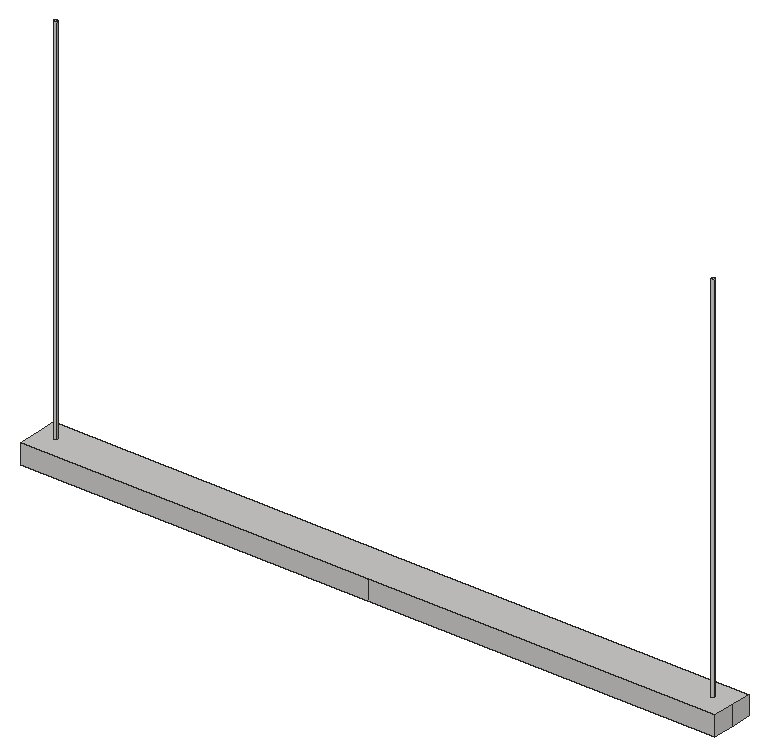
Revit family "Lighting_Pendants_Zero_Grid_Pendant", category Lighting Fixtures, Revit 2020 (continued)
Definition of nested family "grid-pendant-fencing"
  Lines and regions (mm)
    symbolic lines, detail levels fine
      curve 1405: line (0, -13.291, 97.697) -> (0, -48.253, 27.729)
      curve 1406: line (0, -25.291, 97.697) -> (0, 22.359, 0)
      curve 1407: line (0, -25.291, 97.697) -> (0, -48.253, 51.745)
      curve 1408: line (0, -37.291, 97.697) -> (0, 10.359, 0)
      curve 1409: line (0, -37.291, 97.697) -> (0, -48.253, 75.76)
      curve 1410: line (0, -48.253, 95.567) -> (0, -1.641, 0)
      curve 1411: line (0, 47.747, 51.745) -> (0, 21.892, 0)
      curve 1412: line (0, 47.747, 27.729) -> (0, 33.892, 0)
      curve 1413: line (0, -48.253, 21.756) -> (0, -37.641, 0)
      curve 1414: line (0, -48.253, 46.36) -> (0, -25.641, 0)
      curve 1415: line (0, -48.253, 70.964) -> (0, -13.641, 0)
      curve 1416: line (-625.035, 0, 25.36) -> (-612.461, 0, 0)
      curve 1417: line (-625.035, 0, 49.563) -> (-600.461, 0, 0)
      curve 1418: line (-625.035, 0, 73.766) -> (-588.461, 0, 0)
      curve 1419: line (-624.9, 0, 97.697) -> (-576.461, 0, 0)
      curve 1420: line (-612.9, 0, 97.697) -> (-564.461, 0, 0)
      curve 1421: line (-600.9, 0, 97.697) -> (-552.461, 0, 0)
      curve 1422: line (-588.9, 0, 97.697) -> (-540.461, 0, 0)
      curve 1423: line (-576.9, 0, 97.697) -> (-528.461, 0, 0)
      curve 1424: line (-564.9, 0, 97.697) -> (-516.461, 0, 0)
      curve 1425: line (-552.9, 0, 97.697) -> (-504.461, 0, 0)
      curve 1426: line (-540.9, 0, 97.697) -> (-492.461, 0, 0)
      curve 1427: line (-528.9, 0, 97.697) -> (-480.461, 0, 0)
      curve 1428: line (-516.9, 0, 97.697) -> (-468.461, 0, 0)
      curve 1429: line (-504.9, 0, 97.697) -> (-456.461, 0, 0)
      curve 1430: line (-492.9, 0, 97.697) -> (-444.461, 0, 0)
      curve 1431: line (-480.9, 0, 97.697) -> (-432.461, 0, 0)
      curve 1432: line (-468.9, 0, 97.697) -> (-420.461, 0, 0)
      curve 1433: line (-456.9, 0, 97.697) -> (-408.461, 0, 0)
      curve 1434: line (-444.9, 0, 97.697) -> (-396.461, 0, 0)
      curve 1435: line (-432.9, 0, 97.697) -> (-384.461, 0, 0)
      curve 1436: line (-420.9, 0, 97.697) -> (-372.461, 0, 0)
      curve 1437: line (-408.9, 0, 97.697) -> (-360.461, 0, 0)
      curve 1438: line (-396.9, 0, 97.697) -> (-348.461, 0, 0)
      curve 1439: line (-384.9, 0, 97.697) -> (-336.461, 0, 0)
      curve 1440: line (-372.9, 0, 97.697) -> (-324.461, 0, 0)
      curve 1441: line (-360.9, 0, 97.697) -> (-312.461, 0, 0)
      curve 1442: line (-348.9, 0, 97.697) -> (-300.461, 0, 0)
      curve 1443: line (-336.9, 0, 97.697) -> (-288.461, 0, 0)
      curve 1444: line (-324.9, 0, 97.697) -> (-276.461, 0, 0)
      curve 1445: line (-312.9, 0, 97.697) -> (-264.461, 0, 0)
      curve 1446: line (-300.9, 0, 97.697) -> (-252.461, 0, 0)
      curve 1447: line (-288.9, 0, 97.697) -> (-240.461, 0, 0)
      curve 1448: line (-276.9, 0, 97.697) -> (-228.461, 0, 0)
      curve 1449: line (-264.9, 0, 97.697) -> (-216.461, 0, 0)
      curve 1450: line (-252.9, 0, 97.697) -> (-204.461, 0, 0)
      curve 1451: line (-240.9, 0, 97.697) -> (-192.461, 0, 0)
      curve 1452: line (-228.9, 0, 97.697) -> (-180.461, 0, 0)
      curve 1453: line (-216.9, 0, 97.697) -> (-168.461, 0, 0)
      curve 1454: line (-204.9, 0, 97.697) -> (-156.461, 0, 0)
      curve 1455: line (-192.9, 0, 97.697) -> (-144.461, 0, 0)
      curve 1456: line (-180.9, 0, 97.697) -> (-132.461, 0, 0)
      curve 1457: line (-168.9, 0, 97.697) -> (-120.461, 0, 0)
      curve 1458: line (-156.9, 0, 97.697) -> (-108.461, 0, 0)
      curve 1459: line (-144.9, 0, 97.697) -> (-96.461, 0, 0)
      curve 1460: line (-132.9, 0, 97.697) -> (-84.461, 0, 0)
      curve 1461: line (-120.9, 0, 97.697) -> (-72.461, 0, 0)
      curve 1462: line (-108.9, 0, 97.697) -> (-60.461, 0, 0)
      curve 1463: line (-96.9, 0, 97.697) -> (-48.461, 0, 0)
      curve 1464: line (-84.9, 0, 97.697) -> (-36.461, 0, 0)
      curve 1465: line (-72.9, 0, 97.697) -> (-24.461, 0, 0)
      curve 1466: line (-60.9, 0, 97.697) -> (-12.461, 0, 0)
      curve 1467: line (-48.9, 0, 97.697) -> (-0.461, 0, 0)
      curve 1468: line (-36.9, 0, 97.697) -> (11.539, 0, 0)
      curve 1469: line (-24.9, 0, 97.697) -> (23.539, 0, 0)
      curve 1470: line (-12.9, 0, 97.697) -> (35.539, 0, 0)
      curve 1471: line (-0.9, 0, 97.697) -> (47.539, 0, 0)
      curve 1472: line (11.1, 0, 97.697) -> (59.539, 0, 0)
      curve 1473: line (23.1, 0, 97.697) -> (71.539, 0, 0)
      curve 1474: line (35.1, 0, 97.697) -> (83.539, 0, 0)
      curve 1475: line (47.1, 0, 97.697) -> (95.539, 0, 0)
      curve 1476: line (59.1, 0, 97.697) -> (107.539, 0, 0)
      curve 1477: line (71.1, 0, 97.697) -> (119.539, 0, 0)
      curve 1478: line (83.1, 0, 97.697) -> (131.539, 0, 0)
      curve 1479: line (95.1, 0, 97.697) -> (143.539, 0, 0)
      curve 1480: line (107.1, 0, 97.697) -> (155.539, 0, 0)
      curve 1481: line (119.1, 0, 97.697) -> (167.539, 0, 0)
      curve 1482: line (131.1, 0, 97.697) -> (179.539, 0, 0)
      curve 1483: line (143.1, 0, 97.697) -> (191.539, 0, 0)
      curve 1484: line (155.1, 0, 97.697) -> (203.539, 0, 0)
      curve 1485: line (167.1, 0, 97.697) -> (215.539, 0, 0)
      curve 1486: line (179.1, 0, 97.697) -> (227.539, 0, 0)
      curve 1487: line (191.1, 0, 97.697) -> (239.539, 0, 0)
      curve 1488: line (203.1, 0, 97.697) -> (251.539, 0, 0)
      curve 1489: line (215.1, 0, 97.697) -> (263.539, 0, 0)
      curve 1490: line (227.1, 0, 97.697) -> (275.539, 0, 0)
      curve 1491: line (239.1, 0, 97.697) -> (287.539, 0, 0)
      curve 1492: line (251.1, 0, 97.697) -> (299.539, 0, 0)
      curve 1493: line (263.1, 0, 97.697) -> (311.539, 0, 0)
      curve 1494: line (275.1, 0, 97.697) -> (323.539, 0, 0)
      curve 1495: line (287.1, 0, 97.697) -> (335.539, 0, 0)
      curve 1496: line (299.1, 0, 97.697) -> (347.539, 0, 0)
      curve 1497: line (311.1, 0, 97.697) -> (359.539, 0, 0)
      curve 1498: line (323.1, 0, 97.697) -> (371.539, 0, 0)
      curve 1499: line (335.1, 0, 97.697) -> (383.539, 0, 0)
      curve 1500: line (347.1, 0, 97.697) -> (395.539, 0, 0)
      curve 1501: line (359.1, 0, 97.697) -> (407.539, 0, 0)
      curve 1502: line (371.1, 0, 97.697) -> (419.539, 0, 0)
      curve 1503: line (383.1, 0, 97.697) -> (431.539, 0, 0)
      curve 1504: line (395.1, 0, 97.697) -> (443.539, 0, 0)
      curve 1505: line (407.1, 0, 97.697) -> (455.539, 0, 0)
      curve 1506: line (419.1, 0, 97.697) -> (467.539, 0, 0)
      curve 1507: line (431.1, 0, 97.697) -> (479.539, 0, 0)
      curve 1508: line (443.1, 0, 97.697) -> (491.539, 0, 0)
      curve 1509: line (455.1, 0, 97.697) -> (503.539, 0, 0)
      curve 1510: line (467.1, 0, 97.697) -> (515.539, 0, 0)
      curve 1511: line (479.1, 0, 97.697) -> (527.539, 0, 0)
      curve 1512: line (491.1, 0, 97.697) -> (539.539, 0, 0)
      curve 1513: line (503.1, 0, 97.697) -> (551.539, 0, 0)
      curve 1514: line (515.1, 0, 97.697) -> (563.539, 0, 0)
      curve 1515: line (527.1, 0, 97.697) -> (575.539, 0, 0)
      curve 1516: line (539.1, 0, 97.697) -> (587.539, 0, 0)
      curve 1517: line (551.1, 0, 97.697) -> (599.539, 0, 0)
      curve 1518: line (563.1, 0, 97.697) -> (611.539, 0, 0)
      curve 1519: line (575.1, 0, 97.697) -> (623.539, 0, 0)
      curve 1520: line (587.1, 0, 97.697) -> (625, 0, 21.256)
      curve 1521: line (599.1, 0, 97.697) -> (625, 0, 45.459)
      curve 1522: line (611.1, 0, 97.697) -> (625, 0, 69.662)
      curve 1523: line (623.1, 0, 97.697) -> (625, 0, 93.865)
      curve 1524: line (-611.1, 0, 97.697) -> (-625.035, 0, 69.592)
      curve 1525: line (-599.1, 0, 97.697) -> (-625.035, 0, 45.389)
      curve 1526: line (-587.1, 0, 97.697) -> (-625.035, 0, 21.186)
      curve 1527: line (-575.1, 0, 97.697) -> (-623.539, 0, 0)
      curve 1528: line (-563.1, 0, 97.697) -> (-611.539, 0, 0)
      curve 1529: line (-551.1, 0, 97.697) -> (-599.539, 0, 0)
      curve 1530: line (-539.1, 0, 97.697) -> (-587.539, 0, 0)
      curve 1531: line (-527.1, 0, 97.697) -> (-575.539, 0, 0)
      curve 1532: line (-515.1, 0, 97.697) -> (-563.539, 0, 0)
      curve 1533: line (-503.1, 0, 97.697) -> (-551.539, 0, 0)
      curve 1534: line (-491.1, 0, 97.697) -> (-539.539, 0, 0)
      curve 1535: line (-479.1, 0, 97.697) -> (-527.539, 0, 0)
      curve 1536: line (-467.1, 0, 97.697) -> (-515.539, 0, 0)
      curve 1537: line (-455.1, 0, 97.697) -> (-503.539, 0, 0)
      curve 1538: line (-443.1, 0, 97.697) -> (-491.539, 0, 0)
      curve 1539: line (-431.1, 0, 97.697) -> (-479.539, 0, 0)
      curve 1540: line (-419.1, 0, 97.697) -> (-467.539, 0, 0)
      curve 1541: line (-407.1, 0, 97.697) -> (-455.539, 0, 0)
      curve 1542: line (-395.1, 0, 97.697) -> (-443.539, 0, 0)
      curve 1543: line (-383.1, 0, 97.697) -> (-431.539, 0, 0)
      curve 1544: line (-371.1, 0, 97.697) -> (-419.539, 0, 0)
      curve 1545: line (-359.1, 0, 97.697) -> (-407.539, 0, 0)
      curve 1546: line (-347.1, 0, 97.697) -> (-395.539, 0, 0)
      curve 1547: line (-335.1, 0, 97.697) -> (-383.539, 0, 0)
      curve 1548: line (-323.1, 0, 97.697) -> (-371.539, 0, 0)
      curve 1549: line (-311.1, 0, 97.697) -> (-359.539, 0, 0)
      curve 1550: line (-299.1, 0, 97.697) -> (-347.539, 0, 0)
      curve 1551: line (-287.1, 0, 97.697) -> (-335.539, 0, 0)
      curve 1552: line (-275.1, 0, 97.697) -> (-323.539, 0, 0)
      curve 1553: line (-263.1, 0, 97.697) -> (-311.539, 0, 0)
      curve 1554: line (-251.1, 0, 97.697) -> (-299.539, 0, 0)
      curve 1555: line (-239.1, 0, 97.697) -> (-287.539, 0, 0)
      curve 1556: line (-227.1, 0, 97.697) -> (-275.539, 0, 0)
      curve 1557: line (-215.1, 0, 97.697) -> (-263.539, 0, 0)
      curve 1558: line (-203.1, 0, 97.697) -> (-251.539, 0, 0)
      curve 1559: line (-191.1, 0, 97.697) -> (-239.539, 0, 0)
      curve 1560: line (-179.1, 0, 97.697) -> (-227.539, 0, 0)
      curve 1561: line (-167.1, 0, 97.697) -> (-215.539, 0, 0)
      curve 1562: line (-155.1, 0, 97.697) -> (-203.539, 0, 0)
      curve 1563: line (-143.1, 0, 97.697) -> (-191.539, 0, 0)
      curve 1564: line (-131.1, 0, 97.697) -> (-179.539, 0, 0)
      curve 1565: line (-119.1, 0, 97.697) -> (-167.539, 0, 0)
      curve 1566: line (-107.1, 0, 97.697) -> (-155.539, 0, 0)
      curve 1567: line (-95.1, 0, 97.697) -> (-143.539, 0, 0)
      curve 1568: line (-83.1, 0, 97.697) -> (-131.539, 0, 0)
      curve 1569: line (-71.1, 0, 97.697) -> (-119.539, 0, 0)
      curve 1570: line (-59.1, 0, 97.697) -> (-107.539, 0, 0)
      curve 1571: line (-47.1, 0, 97.697) -> (-95.539, 0, 0)
      curve 1572: line (-35.1, 0, 97.697) -> (-83.539, 0, 0)
      curve 1573: line (-23.1, 0, 97.697) -> (-71.539, 0, 0)
      curve 1574: line (-11.1, 0, 97.697) -> (-59.539, 0, 0)
      curve 1575: line (0.9, 0, 97.697) -> (-47.539, 0, 0)
      curve 1576: line (12.9, 0, 97.697) -> (-35.539, 0, 0)
      curve 1577: line (24.9, 0, 97.697) -> (-23.539, 0, 0)
      curve 1578: line (36.9, 0, 97.697) -> (-11.539, 0, 0)
      curve 1579: line (48.9, 0, 97.697) -> (0.461, 0, 0)
      curve 1580: line (60.9, 0, 97.697) -> (12.461, 0, 0)
      curve 1581: line (72.9, 0, 97.697) -> (24.461, 0, 0)
      curve 1582: line (84.9, 0, 97.697) -> (36.461, 0, 0)
      curve 1583: line (96.9, 0, 97.697) -> (48.461, 0, 0)
      curve 1584: line (108.9, 0, 97.697) -> (60.461, 0, 0)
      curve 1585: line (120.9, 0, 97.697) -> (72.461, 0, 0)
      curve 1586: line (132.9, 0, 97.697) -> (84.461, 0, 0)
      curve 1587: line (144.9, 0, 97.697) -> (96.461, 0, 0)
      curve 1588: line (156.9, 0, 97.697) -> (108.461, 0, 0)
      curve 1589: line (168.9, 0, 97.697) -> (120.461, 0, 0)
      curve 1590: line (180.9, 0, 97.697) -> (132.461, 0, 0)
      curve 1591: line (192.9, 0, 97.697) -> (144.461, 0, 0)
      curve 1592: line (204.9, 0, 97.697) -> (156.461, 0, 0)
      curve 1593: line (216.9, 0, 97.697) -> (168.461, 0, 0)
      curve 1594: line (228.9, 0, 97.697) -> (180.461, 0, 0)
      curve 1595: line (240.9, 0, 97.697) -> (192.461, 0, 0)
      curve 1596: line (252.9, 0, 97.697) -> (204.461, 0, 0)
      curve 1597: line (264.9, 0, 97.697) -> (216.461, 0, 0)
      curve 1598: line (276.9, 0, 97.697) -> (228.461, 0, 0)
      curve 1599: line (288.9, 0, 97.697) -> (240.461, 0, 0)
      curve 1600: line (300.9, 0, 97.697) -> (252.461, 0, 0)
      curve 1601: line (312.9, 0, 97.697) -> (264.461, 0, 0)
      curve 1602: line (324.9, 0, 97.697) -> (276.461, 0, 0)
      curve 1603: line (336.9, 0, 97.697) -> (288.461, 0, 0)
      curve 1604: line (348.9, 0, 97.697) -> (300.461, 0, 0)
      curve 1605: line (360.9, 0, 97.697) -> (312.461, 0, 0)
      curve 1606: line (372.9, 0, 97.697) -> (324.461, 0, 0)
      curve 1607: line (384.9, 0, 97.697) -> (336.461, 0, 0)
      curve 1608: line (396.9, 0, 97.697) -> (348.461, 0, 0)
      curve 1609: line (408.9, 0, 97.697) -> (360.461, 0, 0)
      curve 1610: line (420.9, 0, 97.697) -> (372.461, 0, 0)
      curve 1611: line (432.9, 0, 97.697) -> (384.461, 0, 0)
      curve 1612: line (444.9, 0, 97.697) -> (396.461, 0, 0)
      curve 1613: line (456.9, 0, 97.697) -> (408.461, 0, 0)
      curve 1614: line (468.9, 0, 97.697) -> (420.461, 0, 0)
      curve 1615: line (480.9, 0, 97.697) -> (432.461, 0, 0)
      curve 1616: line (492.9, 0, 97.697) -> (444.461, 0, 0)
      curve 1617: line (504.9, 0, 97.697) -> (456.461, 0, 0)
      curve 1618: line (516.9, 0, 97.697) -> (468.461, 0, 0)
      curve 1619: line (528.9, 0, 97.697) -> (480.461, 0, 0)
      curve 1620: line (540.9, 0, 97.697) -> (492.461, 0, 0)
      curve 1621: line (552.9, 0, 97.697) -> (504.461, 0, 0)
      curve 1622: line (564.9, 0, 97.697) -> (516.461, 0, 0)
      curve 1623: line (576.9, 0, 97.697) -> (528.461, 0, 0)
      curve 1624: line (588.9, 0, 97.697) -> (540.461, 0, 0)
      curve 1625: line (600.9, 0, 97.697) -> (552.461, 0, 0)
      curve 1626: line (612.9, 0, 97.697) -> (564.461, 0, 0)
      curve 1627: line (624.9, 0, 97.697) -> (576.461, 0, 0)
      curve 1628: line (625, 0, 73.696) -> (588.461, 0, 0)
      curve 1629: line (625, 0, 49.493) -> (600.461, 0, 0)
      curve 1630: line (625, 0, 25.29) -> (612.461, 0, 0)
      curve 1635: line (625, 48, 0) -> (112.5, 48, 0)
      curve 1636: line (625, -48, 0) -> (112.5, -48, 0)
      curve 1637: line (-557.2, -33.8, 0) -> (-557.2, 33.8, 0)
      curve 1638: line (-557.2, -33.8, 0) -> (556.3, -33.8, 0)
      curve 1639: line (556.3, 33.8, 0) -> (-557.2, 33.8, 0)
      curve 1640: line (-625, 48, 0) -> (-574.962, -48, 0)
      curve 1641: line (-613, 48, 0) -> (-562.962, -48, 0)
      curve 1642: line (-601, 48, 0) -> (-550.962, -48, 0)
      curve 1643: line (-589, 48, 0) -> (-538.962, -48, 0)
      curve 1644: line (-577, 48, 0) -> (-526.962, -48, 0)
      curve 1645: line (-565, 48, 0) -> (-514.962, -48, 0)
      curve 1646: line (-553, 48, 0) -> (-502.962, -48, 0)
      curve 1647: line (-541, 48, 0) -> (-490.962, -48, 0)
      curve 1648: line (-529, 48, 0) -> (-478.962, -48, 0)
      curve 1649: line (-517, 48, 0) -> (-466.962, -48, 0)
      curve 1650: line (-505, 48, 0) -> (-454.962, -48, 0)
      curve 1651: line (-493, 48, 0) -> (-442.962, -48, 0)
      curve 1652: line (-481, 48, 0) -> (-430.962, -48, 0)
      curve 1653: line (-469, 48, 0) -> (-418.962, -48, 0)
      curve 1654: line (-457, 48, 0) -> (-406.962, -48, 0)
      curve 1655: line (-445, 48, 0) -> (-394.962, -48, 0)
      curve 1656: line (-433, 48, 0) -> (-382.962, -48, 0)
      curve 1657: line (-421, 48, 0) -> (-370.962, -48, 0)
      curve 1658: line (-409, 48, 0) -> (-358.962, -48, 0)
      curve 1659: line (-397, 48, 0) -> (-346.962, -48, 0)
      curve 1660: line (-385, 48, 0) -> (-334.962, -48, 0)
      curve 1661: line (-373, 48, 0) -> (-322.962, -48, 0)
      curve 1662: line (-361, 48, 0) -> (-310.962, -48, 0)
      curve 1663: line (-349, 48, 0) -> (-298.962, -48, 0)
      curve 1664: line (-337, 48, 0) -> (-286.962, -48, 0)
      curve 1665: line (-325, 48, 0) -> (-274.962, -48, 0)
      curve 1666: line (-313, 48, 0) -> (-262.962, -48, 0)
      curve 1667: line (-301, 48, 0) -> (-250.962, -48, 0)
      curve 1668: line (-289, 48, 0) -> (-238.962, -48, 0)
      curve 1669: line (-277, 48, 0) -> (-226.962, -48, 0)
      curve 1670: line (-265, 48, 0) -> (-214.962, -48, 0)
      curve 1671: line (-253, 48, 0) -> (-202.962, -48, 0)
      curve 1672: line (-241, 48, 0) -> (-190.962, -48, 0)
      curve 1673: line (-229, 48, 0) -> (-178.962, -48, 0)
      curve 1674: line (-217, 48, 0) -> (-166.962, -48, 0)
      curve 1675: line (-205, 48, 0) -> (-154.962, -48, 0)
      curve 1676: line (-193, 48, 0) -> (-142.962, -48, 0)
      curve 1677: line (-181, 48, 0) -> (-130.962, -48, 0)
      curve 1678: line (-169, 48, 0) -> (-118.962, -48, 0)
      curve 1679: line (-157, 48, 0) -> (-106.962, -48, 0)
      curve 1680: line (-145, 48, 0) -> (-94.962, -48, 0)
      curve 1681: line (-133, 48, 0) -> (-82.962, -48, 0)
      curve 1682: line (-121, 48, 0) -> (-70.962, -48, 0)
      curve 1683: line (-109, 48, 0) -> (-58.962, -48, 0)
      curve 1684: line (-97, 48, 0) -> (-46.962, -48, 0)
      curve 1685: line (-85, 48, 0) -> (-34.962, -48, 0)
      curve 1686: line (-73, 48, 0) -> (-22.962, -48, 0)
      curve 1687: line (-61, 48, 0) -> (-10.962, -48, 0)
      curve 1688: line (-49, 48, 0) -> (1.038, -48, 0)
      curve 1689: line (-37, 48, 0) -> (13.038, -48, 0)
      curve 1690: line (-25, 48, 0) -> (25.038, -48, 0)
      curve 1691: line (-13, 48, 0) -> (37.038, -48, 0)
      curve 1692: line (-1, 48, 0) -> (49.038, -48, 0)
      curve 1693: line (11, 48, 0) -> (61.038, -48, 0)
      curve 1694: line (23, 48, 0) -> (73.038, -48, 0)
      curve 1695: line (35, 48, 0) -> (85.038, -48, 0)
      curve 1696: line (47, 48, 0) -> (97.038, -48, 0)
      curve 1697: line (59, 48, 0) -> (109.038, -48, 0)
      curve 1698: line (71, 48, 0) -> (121.038, -48, 0)
      curve 1699: line (83, 48, 0) -> (133.038, -48, 0)
      curve 1700: line (95, 48, 0) -> (145.038, -48, 0)
      curve 1701: line (107, 48, 0) -> (157.038, -48, 0)
      curve 1702: line (119, 48, 0) -> (169.038, -48, 0)
      curve 1703: line (131, 48, 0) -> (181.038, -48, 0)
      curve 1704: line (143, 48, 0) -> (193.038, -48, 0)
      curve 1705: line (155, 48, 0) -> (205.038, -48, 0)
      curve 1706: line (167, 48, 0) -> (217.038, -48, 0)
      curve 1707: line (179, 48, 0) -> (229.038, -48, 0)
      curve 1708: line (191, 48, 0) -> (241.038, -48, 0)
      curve 1709: line (203, 48, 0) -> (253.038, -48, 0)
      curve 1710: line (215, 48, 0) -> (265.038, -48, 0)
      curve 1711: line (227, 48, 0) -> (277.038, -48, 0)
      curve 1712: line (239, 48, 0) -> (289.038, -48, 0)
      curve 1713: line (251, 48, 0) -> (301.038, -48, 0)
      curve 1714: line (263, 48, 0) -> (313.038, -48, 0)
      curve 1715: line (275, 48, 0) -> (325.038, -48, 0)
      curve 1716: line (287, 48, 0) -> (337.038, -48, 0)
      curve 1717: line (299, 48, 0) -> (349.038, -48, 0)
      curve 1718: line (311, 48, 0) -> (361.038, -48, 0)
      curve 1719: line (323, 48, 0) -> (373.038, -48, 0)
      curve 1720: line (335, 48, 0) -> (385.038, -48, 0)
      curve 1721: line (347, 48, 0) -> (397.038, -48, 0)
      curve 1722: line (359, 48, 0) -> (409.038, -48, 0)
      curve 1723: line (371, 48, 0) -> (421.038, -48, 0)
      curve 1724: line (383, 48, 0) -> (433.038, -48, 0)
      curve 1725: line (395, 48, 0) -> (445.038, -48, 0)
      curve 1726: line (407, 48, 0) -> (457.038, -48, 0)
      curve 1727: line (419, 48, 0) -> (469.038, -48, 0)
      curve 1728: line (431, 48, 0) -> (481.038, -48, 0)
      curve 1729: line (443, 48, 0) -> (493.038, -48, 0)
      curve 1730: line (455, 48, 0) -> (505.038, -48, 0)
      curve 1731: line (467, 48, 0) -> (517.038, -48, 0)
      curve 1732: line (479, 48, 0) -> (529.038, -48, 0)
      curve 1733: line (491, 48, 0) -> (541.038, -48, 0)
      curve 1734: line (503, 48, 0) -> (553.038, -48, 0)
      curve 1735: line (515, 48, 0) -> (565.038, -48, 0)
      curve 1736: line (527, 48, 0) -> (577.038, -48, 0)
      curve 1737: line (539, 48, 0) -> (589.038, -48, 0)
      curve 1738: line (551, 48, 0) -> (601.038, -48, 0)
      curve 1739: line (563, 48, 0) -> (613.038, -48, 0)
      curve 1740: line (-625, 24.978, 0) -> (-586.962, -48, 0)
      curve 1741: line (-625, 1.955, 0) -> (-598.962, -48, 0)
      curve 1742: line (-625, -21.067, 0) -> (-610.962, -48, 0)
      curve 1743: line (574.959, 48, 0) -> (625, -48.006, 0)
      curve 1744: line (586.959, 48, 0) -> (625, -24.984, 0)
      curve 1745: line (598.959, 48, 0) -> (625, -1.961, 0)
      curve 1746: line (610.959, 48, 0) -> (625, 21.061, 0)
      curve 1747: line (557.2, -33.8, 0) -> (557.2, 33.8, 0)
      curve 1748: line (557.2, -33.8, 0) -> (-556.3, -33.8, 0)
      curve 1749: line (-556.3, 33.8, 0) -> (557.2, 33.8, 0)
      curve 1750: line (625, 48, 0) -> (574.962, -48, 0)
      curve 1751: line (613, 48, 0) -> (562.962, -48, 0)
      curve 1752: line (601, 48, 0) -> (550.962, -48, 0)
      curve 1753: line (589, 48, 0) -> (538.962, -48, 0)
      curve 1754: line (577, 48, 0) -> (526.962, -48, 0)
      curve 1755: line (565, 48, 0) -> (514.962, -48, 0)
      curve 1756: line (553, 48, 0) -> (502.962, -48, 0)
      curve 1757: line (541, 48, 0) -> (490.962, -48, 0)
      curve 1758: line (529, 48, 0) -> (478.962, -48, 0)
      curve 1759: line (517, 48, 0) -> (466.962, -48, 0)
      curve 1760: line (505, 48, 0) -> (454.962, -48, 0)
      curve 1761: line (493, 48, 0) -> (442.962, -48, 0)
      curve 1762: line (481, 48, 0) -> (430.962, -48, 0)
      curve 1763: line (469, 48, 0) -> (418.962, -48, 0)
      curve 1764: line (457, 48, 0) -> (406.962, -48, 0)
      curve 1765: line (445, 48, 0) -> (394.962, -48, 0)
      curve 1766: line (433, 48, 0) -> (382.962, -48, 0)
      curve 1767: line (421, 48, 0) -> (370.962, -48, 0)
      curve 1768: line (409, 48, 0) -> (358.962, -48, 0)
      curve 1769: line (397, 48, 0) -> (346.962, -48, 0)
      curve 1770: line (385, 48, 0) -> (334.962, -48, 0)
      curve 1771: line (373, 48, 0) -> (322.962, -48, 0)
      curve 1772: line (361, 48, 0) -> (310.962, -48, 0)
      curve 1773: line (349, 48, 0) -> (298.962, -48, 0)
      curve 1774: line (337, 48, 0) -> (286.962, -48, 0)
      curve 1775: line (325, 48, 0) -> (274.962, -48, 0)
      curve 1776: line (313, 48, 0) -> (262.962, -48, 0)
      curve 1777: line (301, 48, 0) -> (250.962, -48, 0)
      curve 1778: line (289, 48, 0) -> (238.962, -48, 0)
      curve 1779: line (277, 48, 0) -> (226.962, -48, 0)
      curve 1780: line (265, 48, 0) -> (214.962, -48, 0)
      curve 1781: line (253, 48, 0) -> (202.962, -48, 0)
      curve 1782: line (241, 48, 0) -> (190.962, -48, 0)
      curve 1783: line (229, 48, 0) -> (178.962, -48, 0)
      curve 1784: line (217, 48, 0) -> (166.962, -48, 0)
      curve 1785: line (205, 48, 0) -> (154.962, -48, 0)
      curve 1786: line (193, 48, 0) -> (142.962, -48, 0)
      curve 1787: line (181, 48, 0) -> (130.962, -48, 0)
      curve 1788: line (169, 48, 0) -> (118.962, -48, 0)
      curve 1789: line (157, 48, 0) -> (106.962, -48, 0)
      curve 1790: line (145, 48, 0) -> (94.962, -48, 0)
      curve 1791: line (133, 48, 0) -> (82.962, -48, 0)
      curve 1792: line (121, 48, 0) -> (70.962, -48, 0)
      curve 1793: line (109, 48, 0) -> (58.962, -48, 0)
      curve 1794: line (97, 48, 0) -> (46.962, -48, 0)
      curve 1795: line (85, 48, 0) -> (34.962, -48, 0)
      curve 1796: line (73, 48, 0) -> (22.962, -48, 0)
      curve 1797: line (61, 48, 0) -> (10.962, -48, 0)
      curve 1798: line (49, 48, 0) -> (-1.038, -48, 0)
      curve 1799: line (37, 48, 0) -> (-13.038, -48, 0)
      curve 1800: line (25, 48, 0) -> (-25.038, -48, 0)
      curve 1801: line (13, 48, 0) -> (-37.038, -48, 0)
      curve 1802: line (1, 48, 0) -> (-49.038, -48, 0)
      curve 1803: line (-11, 48, 0) -> (-61.038, -48, 0)
      curve 1804: line (-23, 48, 0) -> (-73.038, -48, 0)
      curve 1805: line (-35, 48, 0) -> (-85.038, -48, 0)
      curve 1806: line (-47, 48, 0) -> (-97.038, -48, 0)
      curve 1807: line (-59, 48, 0) -> (-109.038, -48, 0)
      curve 1808: line (-71, 48, 0) -> (-121.038, -48, 0)
      curve 1809: line (-83, 48, 0) -> (-133.038, -48, 0)
      curve 1810: line (-95, 48, 0) -> (-145.038, -48, 0)
      curve 1811: line (-107, 48, 0) -> (-157.038, -48, 0)
      curve 1812: line (-119, 48, 0) -> (-169.038, -48, 0)
      curve 1813: line (-131, 48, 0) -> (-181.038, -48, 0)
      curve 1814: line (-143, 48, 0) -> (-193.038, -48, 0)
      curve 1815: line (-155, 48, 0) -> (-205.038, -48, 0)
      curve 1816: line (-167, 48, 0) -> (-217.038, -48, 0)
      curve 1817: line (-179, 48, 0) -> (-229.038, -48, 0)
      curve 1818: line (-191, 48, 0) -> (-241.038, -48, 0)
      curve 1819: line (-203, 48, 0) -> (-253.038, -48, 0)
      curve 1820: line (-215, 48, 0) -> (-265.038, -48, 0)
      curve 1821: line (-227, 48, 0) -> (-277.038, -48, 0)
      curve 1822: line (-239, 48, 0) -> (-289.038, -48, 0)
      curve 1823: line (-251, 48, 0) -> (-301.038, -48, 0)
      curve 1824: line (-263, 48, 0) -> (-313.038, -48, 0)
      curve 1825: line (-275, 48, 0) -> (-325.038, -48, 0)
      curve 1826: line (-287, 48, 0) -> (-337.038, -48, 0)
      curve 1827: line (-299, 48, 0) -> (-349.038, -48, 0)
      curve 1828: line (-311, 48, 0) -> (-361.038, -48, 0)
      curve 1829: line (-323, 48, 0) -> (-373.038, -48, 0)
      curve 1830: line (-335, 48, 0) -> (-385.038, -48, 0)
      curve 1831: line (-347, 48, 0) -> (-397.038, -48, 0)
      curve 1832: line (-359, 48, 0) -> (-409.038, -48, 0)
      curve 1833: line (-371, 48, 0) -> (-421.038, -48, 0)
      curve 1834: line (-383, 48, 0) -> (-433.038, -48, 0)
      curve 1835: line (-395, 48, 0) -> (-445.038, -48, 0)
      curve 1836: line (-407, 48, 0) -> (-457.038, -48, 0)
      curve 1837: line (-419, 48, 0) -> (-469.038, -48, 0)
      curve 1838: line (-431, 48, 0) -> (-481.038, -48, 0)
      curve 1839: line (-443, 48, 0) -> (-493.038, -48, 0)
      curve 1840: line (-455, 48, 0) -> (-505.038, -48, 0)
      curve 1841: line (-467, 48, 0) -> (-517.038, -48, 0)
      curve 1842: line (-479, 48, 0) -> (-529.038, -48, 0)
      curve 1843: line (-491, 48, 0) -> (-541.038, -48, 0)
      curve 1844: line (-503, 48, 0) -> (-553.038, -48, 0)
      curve 1845: line (-515, 48, 0) -> (-565.038, -48, 0)
      curve 1846: line (-527, 48, 0) -> (-577.038, -48, 0)
      curve 1847: line (-539, 48, 0) -> (-589.038, -48, 0)
      curve 1848: line (-551, 48, 0) -> (-601.038, -48, 0)
      curve 1849: line (-563, 48, 0) -> (-613.038, -48, 0)
      curve 1850: line (625, 24.978, 0) -> (586.962, -48, 0)
      curve 1851: line (625, 1.955, 0) -> (598.962, -48, 0)
      curve 1852: line (625, -21.067, 0) -> (610.962, -48, 0)
      curve 1853: line (-574.959, 48, 0) -> (-625, -48.006, 0)
      curve 1854: line (-586.959, 48, 0) -> (-625, -24.984, 0)
      curve 1855: line (-598.959, 48, 0) -> (-625, -1.961, 0)
      curve 1856: line (-610.959, 48, 0) -> (-625, 21.061, 0)
    symbolic lines, detail levels medium+fine
      curve 1386: line (-625.035, 0, 97.697) -> (625, 0, 97.697)
      curve 1387: line (-625.035, 0, 97.697) -> (-625.035, 0, 0)
      curve 1388: line (-625.035, 0, 0) -> (625, 0, 0)
      curve 1389: line (625, 0, 0) -> (625, 0, 97.697)
      curve 1390: line (0, 47.747, 0) -> (0, 47.747, 97.697)
      curve 1391: line (0, -48.253, 97.697) -> (0, 47.747, 97.697)
      curve 1392: line (0, -48.253, 97.697) -> (0, -48.253, 0)
      curve 1393: line (0, -48.253, 0) -> (0, 47.747, 0)
      curve 1631: line (-625, -48, 0) -> (-625, 48, 0)
      curve 1632: line (-625, 48, 0) -> (112.5, 48, 0)
      curve 1633: line (-625, -48, 0) -> (112.5, -48, 0)
      curve 1634: line (625, -48, 0) -> (625, 48, 0)
  Dimensions and locks
    aligned and locked: level to plane 2
    aligned and locked: curve 1378 to Extrusion 1
    aligned and locked: curve 1379 to Extrusion 1
    aligned and locked: curve 1380 to Extrusion 1
    aligned and locked: curve 1381 to Extrusion 1
    aligned and locked: curve 1386 to curve 1377
    aligned and locked: curve 1387 to curve 443
    aligned and locked: curve 1388 to curve 1159
    aligned and locked: curve 1389 to curve 1161
    aligned and locked: curve 1390 to curve 444
    aligned and locked: curve 1391 to curve 933
    aligned and locked: curve 1392 to curve 443
    aligned and locked: curve 1393 to curve 445
    aligned and locked: curve 1394 to curve 446
    aligned and locked: curve 1395 to curve 457
    aligned and locked: curve 1396 to curve 454
    aligned and locked: curve 1397 to curve 447
    aligned and locked: curve 1398 to curve 458
    aligned and locked: curve 1399 to curve 448
    aligned and locked: curve 1400 to curve 459
    aligned and locked: curve 1401 to curve 449
    aligned and locked: curve 1402 to curve 460
    aligned and locked: curve 1403 to curve 450
    aligned and locked: curve 1404 to curve 461
    aligned and locked: curve 1405 to curve 451
    aligned and locked: curve 1406 to curve 462
    aligned and locked: curve 1407 to curve 452
    aligned and locked: curve 1408 to curve 463
    aligned and locked: curve 1409 to curve 453
    aligned and locked: curve 1410 to curve 464
    aligned and locked: curve 1411 to curve 455
    aligned and locked: curve 1412 to curve 456
    aligned and locked: curve 1413 to curve 467
    aligned and locked: curve 1414 to curve 466
    aligned and locked: curve 1415 to curve 465
Types (12, lengths in mm): name | Wattage | TotalWattage | Photometric Web File | Nominal_Height | ModelType | ModelNumber | Model | Lumens | built-in parameter 1150105 | built-in parameter 1150106 | Dimming | Finish | Color | ArticleNumber | Accessories
  Grid pendant Square T5 25/28W | 17.6718 W | 25 W | "Grid8131-28W.IES" | 96 | grid-pendant : grid-pendant | "8131-1-XX" | "Grid pendant Square holes T5 Light tube 25/28W" | 2625 lm | 208.89 (stored number, unit not read) | 2.0889 (stored number, unit not read) | "None" | "Raw finish, welding visible through transparent varnish" | "-XX = -14 Yellow, -41 Orange, -76 Metal, -77 Gold" | "8131-1-XX" | "Reflector T5 (98130-1-82), Pull switch (98131-1-82)"
  Grid pendant Expanded T5 25/28W | 17.6718 W | 25 W | "Grid81321.IES" | 97.7 | grid-pendant-fencing : grid-pendant-fencing | "8132-1-XX" | "Grid pendant Expanded metal T5 Light tube 25/28W" | 2625 lm | 208.89 (stored number, unit not read) | 2.0889 (stored number, unit not read) | "None" | "Raw finish, welding visible through transparent varnish \r\nand one can see weldings through the transparent varnish" | "Varies-XX = -14 Yellow, -41 Orange, -76 Metal, -77 Gold" | "8132-1-XX" | "Reflector T5 (98130-1-82), Pull switch (98131-1-82)"
  Grid pendant Square T5 25/28W HFF | 17.6718 W | 25 W | "Grid8131-28W.IES" | 96 | grid-pendant : grid-pendant | "8131-1-XXHFF" | "Grid pendant Square holes T5 Light tube 25/28W HFF" | 2625 lm | 208.89 (stored number, unit not read) | 2.0889 (stored number, unit not read) | "Dimmable with DALI, DSI, SwitchDim" | "Raw finish, welding visible through transparent varnish" | "-XX = -14 Yellow, -41 Orange, -76 Metal, -77 Gold" | "8131-1-XXHFF" | "Reflector T5 (98130-1-82), Pull switch with dimmerfunction (98132-1-82)"
  Grid pendant Expanded T5 25/28W  HFF | 17.6718 W | 25 W | "Grid81321.IES" | 97.7 | grid-pendant-fencing : grid-pendant-fencing | "8132-1-XXHFF" | "Grid pendant Expanded metal T5 Light tube 25/28W HFF" | 2625 lm | 208.89 (stored number, unit not read) | 2.0889 (stored number, unit not read) | "Dimmable with DALI, DSI, SwitchDim" | "Raw finish, welding visible through transparent varnish \r\nand one can see weldings through the transparent varnish" | "-XX = -14 Yellow, -41 Orange, -76 Metal, -77 Gold" | "8132-1-XXHFF" | "Reflector T5 (98130-1-82), Pull switch with dimmerfunction (98132-1-82)"
  Grid pendant Square LED 1414LM/19W | 9.5192 W | 19 W | "Grid81261.IES" | 96 | grid-pendant : grid-pendant | "8126-1-XX" | "Grid pendant Square holes LED 1414LM/19W" | 1414 lm | 112.52 (stored number, unit not read) | 1.1252 (stored number, unit not read) | "None" | "Raw finish, welding visible through transparent varnish" | "-XX = -14 Yellow, -41 Orange, -76 Metal, -77 Gold" | "8126-1-XX" | "Reflector LED (98126-1-82), Pull switch (98131-1-82)"
  Grid pendant Square LED 1414LM/19W HFF | 9.5192 W | 19 W | "Grid81261.IES" | 96 | grid-pendant : grid-pendant | "8126-1-XXHFF" | "Grid pendant Square holes LED 1414LM/19W HFF" | 1414 lm | 112.52 (stored number, unit not read) | 1.1252 (stored number, unit not read) | "Dimmable with DALI, DSI, SwitchDim" | "Raw finish, welding visible through transparent varnish" | "-XX = -14 Yellow, -41 Orange, -76 Metal, -77 Gold" | "8126-1-XXHFF" | "Reflector LED (98126-1-82), Pull switch with dimmerfunction (98132-1-82)"
  Grid pendant Expanded LED 1414LM/19W | 9.5192 W | 19 W | "Grid81271.IES" | 97.7 | grid-pendant-fencing : grid-pendant-fencing | "8127-1-XX" | "Grid pendant Expanded metal LED 1414LM/19W" | 1414 lm | 116.99 (stored number, unit not read) | 1.1699 (stored number, unit not read) | "None" | "Raw finish, welding visible through transparent varnish \r\nand one can see weldings through the transparent varnish" | "-XX = -14 Yellow, -41 Orange, -76 Metal, -77 Gold" | "8127-1-XX" | "Reflector LED (98126-1-82), Pull switch (98131-1-82)"
  Grid pendant Expanded LED 1414LM/19W HFF | 9.5192 W | 19 W | "Grid81271.IES" | 97.7 | grid-pendant-fencing : grid-pendant-fencing | "8127-1-XXHFF" | "Grid pendant Expanded metal LED 1414LM/19W HFF" | 1414 lm | 116.99 (stored number, unit not read) | 1.1699 (stored number, unit not read) | "Dimmable with DALI, DSI, SwitchDim" | "Raw finish, welding visible through transparent varnish \r\nand one can see weldings through the transparent varnish" | "-XX = -14 Yellow, -41 Orange, -76 Metal, -77 Gold" | "8127-1-XXHFF" | "Reflector LED (98126-1-82), Pull switch with dimmerfunction (98132-1-82)"
  Grid pendant Square LED 2210LM/33W | 14.878 W | 33 W | "Grid8128-1.IES" | 96 | grid-pendant : grid-pendant | "8128-1-XX" | "Grid pendant Square holes LED 2210LM/33W" | 2210 lm | 738.03 (stored number, unit not read) | 7.3803 (stored number, unit not read) | "None" | "Raw finish, welding visible through transparent varnish" | "-XX = -14 Yellow, -41 Orange, -76 Metal, -77 Gold" | "8128-1-XX" | "Reflector LED (98126-1-82), Pull switch (98131-1-82)"
  Grid pendant Square LED 2210LM/33W HFF | 14.878 W | 33 W | "Grid8128-1.IES" | 96 | grid-pendant : grid-pendant | "8128-1-XXHFF" | "Grid pendant Square holes LED 2210LM/33W HFF" | 2210 lm | 738.03 (stored number, unit not read) | 7.3803 (stored number, unit not read) | "Dimmable with DALI, DSI, SwitchDim" | "Raw finish, welding visible through transparent varnish" | "-XX = -14 Yellow, -41 Orange, -76 Metal, -77 Gold" | "8128-1-XXHFF" | "Reflector LED (98126-1-82), Pull switch with dimmerfunction (98132-1-82)"
  Grid pendant Expanded LED 2210LM/33W | 14.878 W | 33 W | "Grid8129-1.IES" | 97.7 | grid-pendant-fencing : grid-pendant-fencing | "8129-1-XX" | "Grid pendant Expanded metal LED 2210LM/33W" | 2210 lm | 738.03 (stored number, unit not read) | 7.3803 (stored number, unit not read) | "None" | "Raw finish, welding visible through transparent varnish \r\nand one can see weldings through the transparent varnish" | "-XX = -14 Yellow, -41 Orange, -76 Metal, -77 Gold" | "8129-1-XX" | "Reflector LED (98126-1-82), Pull switch (98131-1-82)"
  Grid pendant Expanded LED 2210LM/33W HFF | 14.878 W | 33 W | "Grid8129-1.IES" | 97.7 | grid-pendant-fencing : grid-pendant-fencing | "8129-1-XXHFF" | "Grid pendant Expanded metal LED 2210LM/33W HFF" | 2210 lm | 738.03 (stored number, unit not read) | 7.3803 (stored number, unit not read) | "Dimmable with DALI, DSI, SwitchDim" | "Raw finish, welding visible through transparent varnish \r\nand one can see weldings through the transparent varnish" | "-XX = -14 Yellow, -41 Orange, -76 Metal, -77 Gold" | "8129-1-XXHFF" | "Reflector LED (98126-1-82), Pull switch with dimmerfunction (98132-1-82)"
